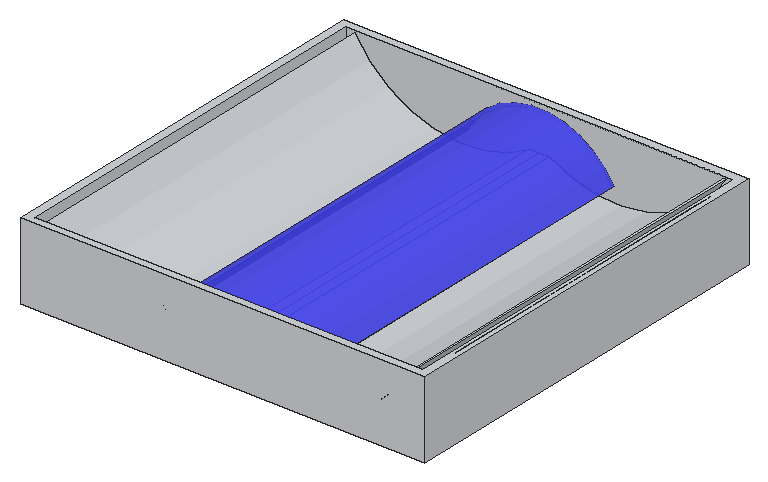
Revit family "LTRE22-RECESSED", category Lighting Fixtures, host Face, Revit 2021
Family settings
  Host = Face
  Round Connector Dimension = Use Diameter
  Part Type = Normal
  Cut with Voids When Loaded = No
  Light Source = Yes
  Shared = No
  Room Calculation Point = No
Parameters (values of type "LTRE24-40MLG-RFA-ESD")
  Wattage Comments = "51"
  Wattage = 9.2903 W
  WIDTH = 2' - 0"
  built-in parameter 1150110 = 1 (stored number, unit not read)
  Voltage = 0 V
  URL = "https://www.currentlighting.com/columbia"
  built-in parameter 1114217 = 1 (stored number, unit not read)
  Tilt Angle = 90.00°
  built-in parameter 1150109 = 1 (stored number, unit not read)
  built-in parameter 1150134 = 3
  built-in parameter 1150113 = 1 (stored number, unit not read)
  Shield = Glass
  Product Page URL = ""
  Product Documentation Link = ""
  Power Factor = 1
  Photometric Web File = "6828.ies"
  Number of Poles = 1
  Model = "LTRE22"
  Manufacturer = "COLUMBIA"
  built-in parameter 1150105 = -1556640 (stored number, unit not read)
  Lumens = 1380 lm
  built-in parameter 1150115 = 1 (stored number, unit not read)
  built-in parameter 1150137 = (empty or 0)
  built-in parameter 1150139 = (empty or 0)
  built-in parameter 1150112 = 1 (stored number, unit not read)
  built-in parameter 1150114 = 1 (stored number, unit not read)
  Lamp = ""
  LEGNTH = 4' - 6"
  built-in parameter 1150132 = (empty or 0)
  built-in parameter 1150102 = (empty or 0)
  built-in parameter 1150107 = 3200 (stored number, unit not read)
  built-in parameter 1150138 = (empty or 0)
  built-in parameter 1150106 = -15566.4 (stored number, unit not read)
  Emit from Line Length = 2' - 0"
  built-in parameter 1150104 = 13.8 (stored number, unit not read)
  Dimming Lamp Color Temperature Shift = <None>
  Default Elevation = 4' - 0"
  Color Filter = 16777215
  built-in parameter 1114218 = 1 (stored number, unit not read)
  built-in parameter 1150133 = 10 (stored number, unit not read)
  Apparent Load = 0 VA
Types (19): name | Wattage Comments | URL | Photometric Web File
  (no name) | "51" | "https://www.currentlighting.com/columbia" | "6828.ies"
  LTRE22-30HLG-RFA-EU | "40" | "https://www.currentlighting.com/columbia" | "6811.ies"
  LTRE22-30LWG-RFA-EU | "24" | "https://www.currentlighting.com/columbia" | "6805.ies"
  LTRE22-30MLG-RFA-EU | "30" | "https://www.currentlighting.com/columbia" | "6808.ies"
  LTRE22-30VLG-RFA-EU | "51" | "https://www.currentlighting.com/columbia" | "6814.ies"
  LTRE22-35HLG-RFA-EU | "40" | "https://www.currentlighting.com/columbia" | "6812.ies"
  LTRE22-35LWG-RFA-EU | "24" | "https://www.currentlighting.com/columbia" | "6806.ies"
  LTRE22-35MLG-RFA-EU | "30" | "https://www.currentlighting.com/columbia" | "6809.ies"
  LTRE22-35VLG-RFA-EU | "51" | "https://www.currentlighting.com/columbia" | "6815.ies"
  LTRE22-40HLG-RFA-EU | "40" | 0' - 0" | "6813.ies"
  LTRE22-40LWG-RFA-EU | "24" | "https://www.currentlighting.com/columbia" | "6807.ies"
  LTRE22-40MLG-RFA-EU | "24" | "https://www.currentlighting.com/columbia" | "6807.ies"
  LTRE22-40VLG-RFA-EU | "51" | "https://www.currentlighting.com/columbia" | "6816.ies"
  LTRE24-30LWG-RFA-EU | "40" | "https://www.currentlighting.com/columbia" | "6823.ies"
  LTRE24-30MLG-RFA-ESD | "51" | "https://www.currentlighting.com/columbia" | "6826.ies"
  LTRE24-35LWG-RFA-EU | "40" | "https://www.currentlighting.com/columbia" | "6824.ies"
  LTRE24-35MLG-RFA-ESD | "51" | "https://www.currentlighting.com/columbia" | "6827.ies"
  LTRE24-40LWG-RFA-ESD | "40" | "https://www.currentlighting.com/columbia" | "6825.ies"
  LTRE24-40MLG-RFA-ESD | "51" | "https://www.currentlighting.com/columbia" | "6828.ies"
Reference planes (in)
  plane 1 "Center (Front/Back)": y = 0
  plane 2: z = 0
  plane 3 "Center (Left/Right)": x = 0
  plane 4: x = -12.5
  plane 5: y = 12.5
  plane 6: y = -12.5
  plane 7: x = 12.5
  plane 8: z = -4
  plane 9: x = -12
  plane 10: y = 12
  plane 11: x = 12
  plane 12: y = -12
  plane 13: x = -4.63604
  plane 14: x = 4.63604
Forms (in)
  Extrusion 1, solid
    sketch origin (0, 0, 0) x (1, 0, 0) y (0, 1, 0)
      loop
        line (-12.5, 12.5) -> (-12.5, -12.5) -> (12.5, -12.5) -> (12.5, 12.5) -> (-12.5, 12.5)
    from 0 to -4.75
  Extrusion 2, void
    sketch origin (0, 0, 0) x (1, 0, 0) y (0, 1, 0)
      loop
        line (-12, 12) -> (-12, -12) -> (12, -12) -> (12, 12) -> (-12, 12)
    from 0 to -4
  Extrusion 3, solid
    sketch origin (0, 0, 0) x (1, 0, 0) y (0, 0, 1)
      loop
        line (0, -2.75) -> (-0.61819, -2.75)
        arc (-0.61819, -2.75) -> (-6.56796, -3.67674) -> (-11.43038, -0.12492) r 7.86748
        line (-11.43038, -0.12492) -> (-11.49076, -0.1853)
        arc (-11.49076, -0.1853) -> (-6.60832, -3.81529) -> (-0.60424, -2.83246) r 7.79718
        line (-0.60424, -2.83246) -> (0, -2.83246) -> (0.60424, -2.83246)
        arc (0.60424, -2.83246) -> (6.60832, -3.81529) -> (11.49076, -0.1853) r 7.79718
        line (11.49076, -0.1853) -> (11.43038, -0.12492)
        arc (11.43038, -0.12492) -> (6.56796, -3.67674) -> (0.61819, -2.75) r 7.86748
        line (0.61819, -2.75) -> (0, -2.75)
    from 12 to -12
  Extrusion 4, solid, material "Glass" <- "Shield"
    sketch origin (0, 0, 0) x (1, 0, 0) y (0, 0, 1)
      loop
        line (-4.60467, -2.94299) -> (-4.44291, -3.10475)
        arc (-4.44291, -3.10475) -> (0.04419, -0.4044) -> (4.53129, -3.10475) r 5.07822
        line (4.53129, -3.10475) -> (4.63604, -3)
        arc (4.63604, -3) -> (0.03254, -0.24055) -> (-4.60467, -2.94299) r 5.27405
    from 12 to -12
Cuts and joins
  Extrusion 2 cuts Extrusion 1
Dimensions and locks (in)
  aligned and locked: plane 2 to host face
  aligned and locked: level to host face
Connectors (in)
  electrical at (0, 0, 0), driven by "Number of Poles", driven by "Voltage", driven by "Apparent Load", driven by "Power Factor"
    settings: on host face, index 1, voltage 0 V, apparent load 0 VA, apparent load phase1 0 VA, apparent load phase2 0 VA, apparent load phase3 0 VA, power factor 1, load classification "Other", number of poles 1, system type 31, power factor state 1, is connector primary yes, connector utility yes, sub classification motor no, connector description "Power"
